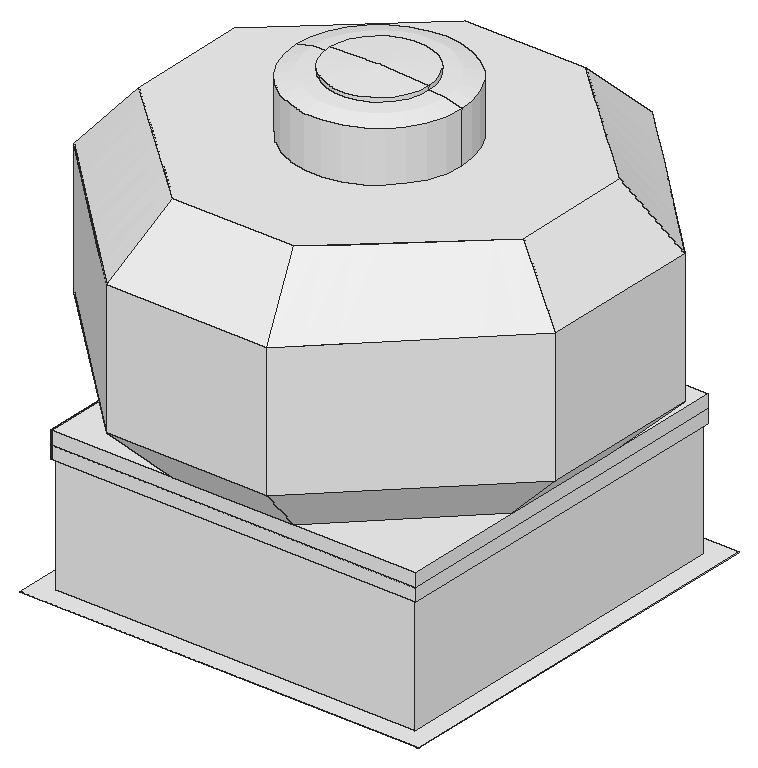
Revit family "HARMANN - REVIT- MOVO.S", category Wyposażenie mechaniczne, Revit 2025
Family settings
  Wymiar okrągłego złącza = Użyj średnicy
  Typ części = Normalny
  Numer OmniClass = 23.75.00.00
  Tytuł OmniClass = Climate Control (HVAC)
  Oparty na płaszczyźnie roboczej = Nie
  Zawsze pionowo = Tak
  Tnij formami wycięć po wczytaniu = Nie
  Zachowaj orientację opisów = Nie
  Współdzielony = Nie
  Punkt obliczania pomieszczeń = Nie
Parameters (values of type "MOVO.S 8-1000/38000T")
  a Spr [instance] = if(Brak podstawy, 0.00 mm, a)  # 40.00 mm
  a [instance] = 40.00 mm
  Zasilanie natężenie maksymalne Imax = 12 A
  Zasilanie napięcie nominalne Unom = 400 V
  Zasilanie Moc maksymalna Pmax = 5500 W
  Wysokość podstawy dachowej PR Spr [instance] = if(Brak podstawy, a, if(Podstawa dachowa PR, Wysokość podstawy dachowej PR, Wysokość podstawy dachowej PR))  # 500.00 mm
  Wysokość podstawy dachowej PR [instance] = size_lookup(Lookup Table Name, "Wysokość podstawy dachowej PR", 1.00 mm, N1)  # 500.00 mm
  Wysokość SL Spr [instance] = if((Czy Klapa zwrotna SL), Wysokość SL, 0.00 mm)  # 400.00 mm
  Wysokość SL [instance] = size_lookup(Lookup Table Name, "Wysokość SL", 1.00 mm, N1)  # 400.00 mm
  Wysokość EP Spr [instance] = if((Czy Złącze Elastyczne EP), Wysokość EP, 0.00 mm)  # 150.00 mm
  Wysokość EP [instance] = size_lookup(Lookup Table Name, "Wysokość EP", 1.00 mm, N1)  # 150.00 mm
  Wysokość D Spr [instance] = if(Brak podstawy, Wysokość D, if(and((Czy Klapa zwrotna SL), (Czy Złącze Elastyczne EP)), Wysokość D + Wysokość SL Spr + Wysokość EP Spr, if((Czy Klapa zwrotna SL), Wysokość D + Wysokość SL Spr, if(Czy Złącze Elastyczne EP, Wysokość D + Wysokość EP Spr, Wysokość D))))  # 574.50 mm
  Wysokość D [instance] = size_lookup(Lookup Table Name, "Wysokość D", 1.00 mm, N1)  # 24.50 mm
  Wybierz podstawę dachową [instance] = "Wybierz podstawę dachową lub brak podstawy"  # constant formula
  Wybierz Akcesoria [instance] = "Zaznacz wybrane akcesoria tylko dla podstawy dachowej PR"  # constant formula
  Rzeczywista Wartość Przepływu [instance] = Podaj Rzeczywistą Wartość Przepływu  # 0.00 m³/h
  Podstawa B = Podstawa : Podstawa PR
  Podstawa A = Podstawa : Brak podstawy
  Podaj Rzeczywistą Wartość Przepływu [instance] = 0.00 m³/h
  Opc Podstawa Dachowa PR = Podstawa : Podstawa PR
  Opc Brak podstawy = Podstawa : Brak podstawy
  Obroty nominalne nnom = 1440.000 obr./min
  Czy Podstawa Dachowa [instance] = Podstawa : Podstawa PR
  N1 = 12 mm
  Lookup Table Name = "MOVO"
  Czy Klapa zwrotna SL [instance] = yes
  Złożenie domyślne bez akcesoriów [instance] = not(Brak podstawy)  # yes
  Podstawa dachowa PR [instance] = Czy Podstawa Dachowa = Opc Podstawa Dachowa PR  # yes
  MOVO S = HARMANN - Akcesoria - MOVO_S : MOVO.S 6-1000/52000T
  Zasilanie Ilość faz = 3
  Zasilanie Częstotliwość Nominalna fnom = 50 Hz  # constant formula
  Zasilanie Częstotliwość Minimalna fmin = 30 Hz
  Zasilanie Częstotliwość Maksymalna fmax = 50 Hz
  Powietrze ciśnienie statyczne maksymalne dPmax = 810.0 Pa
  Powietrze Przepływ Maksymalny Qmax = 22900.00 m³/h
  Numer artykułu = "78252004"
  Model = "MOVO.S 6-800/22900T EX"
  Masa = 370.00 kg
  Producent = "Harmann Polska Sp. z o.o."  # constant formula
  Temperatura pracy ciągłej maksymalna T = 40 °C
  Opis = "Dachowy wentylator z wyrzutem pionowym"  # constant formula
  Domyślna rzędna = 0.00 mm
  DN = 900.00 mm
  Czy Kołnierz D [instance] = 1 = 1  # yes
  Ciśnienie akustyczne nominalne obudowa Lpa = "73 dB(A)"
  Czy Złącze Elastyczne EP [instance] = yes
  Brak podstawy [instance] = Czy Podstawa Dachowa = Opc Brak podstawy  # no
  Autor = "https://www.archispace.com/"
  Akc SL = HARMANN - Akcesoria - SL : SL 900
  Akc PR = HARMANN - Akcesoria - PR : PR 1000/900
  Akc EP = HARMANN - Akcesoria - EP : EP 900
  Akc D = HARMANN - Akcesoria - D : D 900s
Types (13, lengths in mm): name | Zasilanie natężenie maksymalne Imax | Zasilanie Moc maksymalna Pmax | Wysokość podstawy dachowej PR Spr | Wysokość podstawy dachowej PR | Wysokość SL Spr | Wysokość SL | Wysokość D Spr | Wysokość D | Obroty nominalne nnom | N1 | MOVO S | Zasilanie Częstotliwość Minimalna fmin | Powietrze ciśnienie statyczne maksymalne dPmax | Powietrze Przepływ Maksymalny Qmax | Numer artykułu | Model | Masa | Temperatura pracy ciągłej maksymalna T | DN | Ciśnienie akustyczne nominalne obudowa Lpa | Akc SL | Akc PR | Akc EP | Akc D
  MOVO.S 6-800/26000T | 12 A | 5500 W | 500.00 | 500.00 | 400.00 | 400.00 | 574.50 | 24.50 | 970.000 obr./min | 12 | HARMANN - Akcesoria - MOVO_S : MOVO.S 6-800/26000T | 25 Hz | 820.0 Pa | 26000.00 m³/h | "2250011" | "MOVO.S 6-800/26000T" | 340.00 kg | 50 °C | 710.00 | "73 dB(A)" | HARMANN - Akcesoria - SL : SL 710 | HARMANN - Akcesoria - PR : PR 800/710 | HARMANN - Akcesoria - EP : EP 710 | HARMANN - Akcesoria - D : D 710s
  MOVO.S 4-800/39500T | 28.1 A | 15000 W | 500.00 | 500.00 | 400.00 | 400.00 | 574.50 | 24.50 | 1460.000 obr./min | 11 | HARMANN - Akcesoria - MOVO_S : MOVO.S 4-800/39500T | 25 Hz | 1980.0 Pa | 39500.00 m³/h | "2250010" | "MOVO.S 4-800/39500T" | 390.00 kg | 50 °C | 710.00 | "82 dB(A)" | HARMANN - Akcesoria - SL : SL 710 | HARMANN - Akcesoria - PR : PR 710/630 | HARMANN - Akcesoria - EP : EP 710 | HARMANN - Akcesoria - D : D 710s
  MOVO.S 6-710/18300T | 7 A | 3000 W | 500.00 | 500.00 | 350.00 | 350.00 | 521.50 | 21.50 | 970.000 obr./min | 10 | HARMANN - Akcesoria - MOVO_S : MOVO.S 6-710/18300T | 25 Hz | 680.0 Pa | 18300.00 m³/h | "2250007" | "MOVO.S 6-710/18300T" | 240.00 kg | 50 °C | 630.00 | "70 dB(A)" | HARMANN - Akcesoria - SL : SL 630 | HARMANN - Akcesoria - PR : PR 710/630 | HARMANN - Akcesoria - EP : EP 630 | HARMANN - Akcesoria - D : D 630s
  MOVO.S 4-710/27500T | 20.9 A | 11000 W | 500.00 | 500.00 | 350.00 | 350.00 | 521.50 | 21.50 | 1450.000 obr./min | 9 | HARMANN - Akcesoria - MOVO_S : MOVO.S 4-710/27500T | 25 Hz | 1550.0 Pa | 27500.00 m³/h | "2250006" | "MOVO.S 4-710/27500T" | 250.00 kg | 50 °C | 630.00 | "79 dB(A)" | HARMANN - Akcesoria - SL : SL 630 | HARMANN - Akcesoria - PR : PR 710/630 | HARMANN - Akcesoria - EP : EP 630 | HARMANN - Akcesoria - D : D 630s
  MOVO.S 4-710/23700T | 14.3 A | 7500 W | 500.00 | 500.00 | 350.00 | 350.00 | 521.50 | 21.50 | 1450.000 obr./min | 9 | HARMANN - Akcesoria - MOVO_S : MOVO.S 4-710/23700T | 25 Hz | 1300.0 Pa | 23700.00 m³/h | "2250005" | "MOVO.S 4-710/23700T" | 250.00 kg | 50 °C | 630.00 | "78 dB(A)" | HARMANN - Akcesoria - SL : SL 630 | HARMANN - Akcesoria - PR : PR 710/630 | HARMANN - Akcesoria - EP : EP 630 | HARMANN - Akcesoria - D : D 630s
  MOVO.S 6-630/12900T | 5.12 A | 2200 W | 400.00 | 400.00 | 310.00 | 310.00 | 479.00 | 19.00 | 940.000 obr./min | 8 | HARMANN - Akcesoria - MOVO_S : MOVO.S 6-630/12900T | 25 Hz | 550.0 Pa | 12900.00 m³/h | "2250002" | "MOVO.S 6-630/12900T" | 130.00 kg | 50 °C | 560.00 | "66 dB" | HARMANN - Akcesoria - SL : SL 560 | HARMANN - Akcesoria - PR : PR 630/560 | HARMANN - Akcesoria - EP : EP 560 | HARMANN - Akcesoria - D : D 560s
  MOVO.S 4-630/19300T | 10.8 A | 5500 W | 400.00 | 400.00 | 310.00 | 310.00 | 479.00 | 19.00 | 1455.000 obr./min | 7 | HARMANN - Akcesoria - MOVO_S : MOVO.S 4-630/19300T | 25 Hz | 1200.0 Pa | 19300.00 m³/h | "2250001" | "MOVO.S 4-630/19300T" | 130.00 kg | 50 °C | 560.00 | "75 dB(A)" | HARMANN - Akcesoria - SL : SL 560 | HARMANN - Akcesoria - PR : PR 630/560 | HARMANN - Akcesoria - EP : EP 560 | HARMANN - Akcesoria - D : D 560s
  MOVO.S 6-900/37000T | 15.8 A | 7500 W | 500.00 | 500.00 | 400.00 | 400.00 | 574.50 | 24.50 | 965.000 obr./min | 12 | HARMANN - Akcesoria - MOVO_S : MOVO.S 6-900/37000T | 25 Hz | 1050.0 Pa | 37000.00 m³/h | "2250014" | "MOVO.S 6-800/37000T" | 410.00 kg | 50 °C | 800.00 | "77 dB(A)" | HARMANN - Akcesoria - SL : SL 800 | HARMANN - Akcesoria - PR : PR 900/800 | HARMANN - Akcesoria - EP : EP 800 | HARMANN - Akcesoria - D : D 800s
  MOVO.S 6-1000/43100T | 12 A | 5500 W | 500.00 | 500.00 | 400.00 | 400.00 | 574.50 | 24.50 | 1440.000 obr./min | 12 | HARMANN - Akcesoria - MOVO_S : MOVO.S 6-1000/52000T | 30 Hz | 810.0 Pa | 22900.00 m³/h | "78252004" | "MOVO.S 6-800/22900T EX" | 370.00 kg | 40 °C | 900.00 | "73 dB(A)" | HARMANN - Akcesoria - SL : SL 900 | HARMANN - Akcesoria - PR : PR 1000/900 | HARMANN - Akcesoria - EP : EP 900 | HARMANN - Akcesoria - D : D 900s
  MOVO.S 6-1000/52000T | 12 A | 5500 W | 500.00 | 500.00 | 400.00 | 400.00 | 574.50 | 24.50 | 1440.000 obr./min | 12 | HARMANN - Akcesoria - MOVO_S : MOVO.S 6-1000/52000T | 30 Hz | 810.0 Pa | 22900.00 m³/h | "78252004" | "MOVO.S 6-800/22900T EX" | 370.00 kg | 40 °C | 900.00 | "73 dB(A)" | HARMANN - Akcesoria - SL : SL 900 | HARMANN - Akcesoria - PR : PR 1000/900 | HARMANN - Akcesoria - EP : EP 900 | HARMANN - Akcesoria - D : D 900s
  MOVO.S 8-1000/38000T | 12 A | 5500 W | 500.00 | 500.00 | 400.00 | 400.00 | 574.50 | 24.50 | 1440.000 obr./min | 12 | HARMANN - Akcesoria - MOVO_S : MOVO.S 6-1000/52000T | 30 Hz | 810.0 Pa | 22900.00 m³/h | "78252004" | "MOVO.S 6-800/22900T EX" | 370.00 kg | 40 °C | 900.00 | "73 dB(A)" | HARMANN - Akcesoria - SL : SL 900 | HARMANN - Akcesoria - PR : PR 1000/900 | HARMANN - Akcesoria - EP : EP 900 | HARMANN - Akcesoria - D : D 900s
  MOVO.S 8-1000/32000T | 12 A | 5500 W | 500.00 | 500.00 | 400.00 | 400.00 | 574.50 | 24.50 | 1440.000 obr./min | 12 | HARMANN - Akcesoria - MOVO_S : MOVO.S 6-1000/52000T | 30 Hz | 810.0 Pa | 22900.00 m³/h | "78252004" | "MOVO.S 6-800/22900T EX" | 370.00 kg | 40 °C | 900.00 | "73 dB(A)" | HARMANN - Akcesoria - SL : SL 900 | HARMANN - Akcesoria - PR : PR 1000/900 | HARMANN - Akcesoria - EP : EP 900 | HARMANN - Akcesoria - D : D 900s
  MOVO.S 8-900/27500T | 15.8 A | 7500 W | 500.00 | 500.00 | 400.00 | 400.00 | 574.50 | 24.50 | 965.000 obr./min | 12 | HARMANN - Akcesoria - MOVO_S : MOVO.S 6-900/37000T | 25 Hz | 1050.0 Pa | 37000.00 m³/h | "2250014" | "MOVO.S 6-800/37000T" | 410.00 kg | 50 °C | 800.00 | "77 dB(A)" | HARMANN - Akcesoria - SL : SL 800 | HARMANN - Akcesoria - PR : PR 900/800 | HARMANN - Akcesoria - EP : EP 800 | HARMANN - Akcesoria - D : D 800s
Reference planes
  plane 1 "Center (Front/Back)": y = 0
  plane 2: z = 0
  plane 3 "Center (Left/Right)": x = 0
  plane 4: z = 500
  plane 5: z = 0
  plane 6: z = 0
  plane 7: z = 100
  plane 8: z = -50
  plane 9: z = -74.5
Dimensions and locks
  "Wysokość podstawy dachowej PR Spr": plane 4 to level
  "Wysokość SL Spr": plane 7 to plane 4
  "Wysokość EP Spr": plane 8 to plane 7
  "Wysokość D Spr": plane 9 to plane 4
  aligned and locked: level to plane 2
  aligned and locked: nested 1 to plane 1 "Center (Front/Back)"
  aligned and locked: plane 3 "Center (Left/Right)" to nested 2
  aligned and locked: plane 1 "Center (Front/Back)" to nested 2
  aligned and locked: plane 3 "Center (Left/Right)" to nested 3
  aligned and locked: plane 1 "Center (Front/Back)" to nested 3
  aligned and locked: plane 7 to nested 2
  aligned and locked: plane 8 to nested 3
  aligned and locked: nested 4 to plane 1 "Center (Front/Back)"
  aligned and locked: nested 4 to plane 3 "Center (Left/Right)"
  aligned and locked: nested 4 to plane 9
  aligned and locked: plane 3 "Center (Left/Right)" to nested 5
  aligned and locked: plane 1 "Center (Front/Back)" to nested 5
  aligned and locked: nested 1 to plane 4
Nested families
  nested 1: "HARMANN - Akcesoria - MOVO_S" at (0, 0, 450) x (0, 1, 0) z (0, 0, 1), type <- "MOVO S", type "MOVO.S 6-1000/52000T"
    with K 1060.00 mm, H 1300.00 mm, F 1850.00 mm, Dk 934.00 mm, E 1850.00 mm, B 1400.00 mm, D 900.00 mm
  nested 2: "HARMANN - Akcesoria - SL" at (0, 0, 100), visible <- "Czy Klapa zwrotna SL", type <- "Akc SL", Vis Komponent <- "Złożenie domyślne bez akcesoriów", type "SL 900"
    with Vis Komponent yes, H 500.00 mm, D1/2 904.00 mm, D2 968.00 mm, D1 900.00 mm
  nested 3: "HARMANN - Akcesoria - EP" at (0, 0, -50), visible <- "Czy Złącze Elastyczne EP", type <- "Akc EP", Vis Komponent <- "Złożenie domyślne bez akcesoriów", type "EP 900"
    with Vis Komponent yes, D1/2 904.00 mm, D2 968.00 mm, D1 900.00 mm
  nested 4: "HARMANN - Akcesoria - D" at (0, 0, -47.5) x (1, 0, 0) z (0, 0, -1), visible <- "Czy Kołnierz D", type <- "Akc D", type "D 900s"
    with Vis Komponent yes, H 27.00 mm, D1/2 904.00 mm, D2 968.00 mm, D1 900.00 mm
  nested 5: "HARMANN - Akcesoria - PR" at (0, 0, 0), visible <- "Podstawa dachowa PR", type <- "Akc PR", type "PR 1000/900"
    with H2 500.00 mm, C 1534.00 mm, B 1270.00 mm, A 1380.00 mm
Connectors
  electrical at (0, 0, 550), driven by "Zasilanie Ilość faz", driven by "Zasilanie napięcie nominalne Unom"
    settings: on nested 1, index 2, voltage 400 V, apparent load 0 VA, apparent load phase1 0 VA, apparent load phase2 0 VA, apparent load phase3 0 VA, power factor 1, load classification "Other", number of poles 3, system type 30, power factor state 1, is connector primary yes, connector utility no, sub classification motor no, connector description ""
  hvac at (0, 0, -47.5), driven by "DN", driven by "Rzeczywista Wartość Przepływu"
    settings: on nested 4, index 3, duct flow 0.00 m³/h, flow factor 0, pres drop 0.0 Pa, loss coef 0, conn angle 0.00°, conn width 304.8 mm, conn height 304.8 mm, conn diameter 900 mm, duct sys type 29, conn prof type 0, flow config 0, flow direction 1, loss method 0, conn ref index -1, conn util no, is conn primary yes, conn desc ""
Definition of nested family "HARMANN - Akcesoria - MOVO_S"
  Parameters (values of type "MOVO.S 6-900/37000T")
    r2 = size_lookup(Lookup Table Name, "r2", 1.00 mm, N1)  # 189.50 mm
    r = size_lookup(Lookup Table Name, "r", 1.00 mm, N1)  # 317.00 mm
    i = 50.00 mm
    h = size_lookup(Lookup Table Name, "h", 1.00 mm, N1)  # 225.00 mm
    c = 185.00 mm
    b = size_lookup(Lookup Table Name, "b", 1.00 mm, N1)  # 617.00 mm
    a = size_lookup(Lookup Table Name, "a", 1.00 mm, N1)  # 464.00 mm
    Numer artykułu = size_lookup(Lookup Table Name, "Numer artykułu", "n/a", N1)  # "78252003"
    N1 = 11 mm
    Model = size_lookup(Lookup Table Name, "Model", "n/a", N1)  # "MOVO.S 4-800/35000T EX"
    Manufacturer = "Harmann Polska Sp. z o.o."  # constant formula
    Lookup Table Name = "MOVO S"
    K = 1000.00 mm
    H = 1240.00 mm
    G = size_lookup(Lookup Table Name, "G", 1.00 mm, N1)  # 50.00 mm
    F = 1650.00 mm
    Dk = 837.00 mm
    Default Elevation = 0.00 mm
    E = 1650.00 mm
    B = 1250.00 mm
    Autor = "https://www.archispace.com/"
    D = 800.00 mm
    710 i 800 = yes
    450 500 560 630 = no
  Types (15, lengths in mm): name | r2 | r | i | h | c | b | a | Numer artykułu | N1 | Model | K | H | G | F | Dk | E | B | D | 710 i 800 | 450 500 560 630
    MOVO.S 6-1000/37000T | 189.50 | 317.00 | 50.00 | 225.00 | 185.00 | 617.00 | 464.00 | "78252003" | 11 | "MOVO.S 4-800/35000T EX" | 1060.00 | 1300.00 | 50.00 | 1850.00 | 934.00 | 1850.00 | 1400.00 | 900.00 | yes | no
    MOVO.S 4/8-800/39500T | 189.50 | 317.00 | 50.00 | 225.00 | 185.00 | 617.00 | 464.00 | "78252003" | 11 | "MOVO.S 4-800/35000T EX" | 950.00 | 1240.00 | 50.00 | 1490.00 | 751.00 | 1490.00 | 1120.00 | 710.00 | yes | no
    MOVO.S 4/6-800/39500T | 189.50 | 317.00 | 50.00 | 225.00 | 185.00 | 617.00 | 464.00 | "78252003" | 11 | "MOVO.S 4-800/35000T EX" | 950.00 | 1240.00 | 50.00 | 1490.00 | 751.00 | 1490.00 | 1120.00 | 710.00 | yes | no
    MOVO.S 6-800/26000T | 189.50 | 317.00 | 50.00 | 225.00 | 185.00 | 617.00 | 464.00 | "78252003" | 11 | "MOVO.S 4-800/35000T EX" | 950.00 | 1240.00 | 50.00 | 1490.00 | 751.00 | 1490.00 | 1120.00 | 710.00 | yes | no
    MOVO.S 4/8-710/27500T | 155.00 | 283.50 | 50.00 | 186.00 | 150.00 | 538.50 | 414.00 | "78252001" | 9 | "MOVO.S 4-710/20800T EX" | 845.00 | 1240.00 | 50.00 | 1300.00 | 674.00 | 1300.00 | 1000.00 | 630.00 | yes | no
    MOVO.S 4/6-710/27500T | 155.00 | 283.50 | 50.00 | 186.00 | 150.00 | 538.50 | 414.00 | "78252001" | 9 | "MOVO.S 4-710/20800T EX" | 845.00 | 1240.00 | 50.00 | 1300.00 | 674.00 | 1300.00 | 1000.00 | 630.00 | yes | no
    MOVO.S 6-710/18300T | 155.00 | 283.50 | 50.00 | 186.00 | 150.00 | 538.50 | 414.00 | "78252001" | 9 | "MOVO.S 4-710/20800T EX" | 845.00 | 1240.00 | 50.00 | 1300.00 | 674.00 | 1300.00 | 1000.00 | 630.00 | yes | no
    MOVO.S 4-710/27500T | 155.00 | 283.50 | 50.00 | 186.00 | 150.00 | 538.50 | 414.00 | "78252001" | 9 | "MOVO.S 4-710/20800T EX" | 845.00 | 1240.00 | 50.00 | 1300.00 | 674.00 | 1300.00 | 1000.00 | 630.00 | yes | no
    MOVO.S 4/8-630/19300T | 155.00 | 254.50 | 40.00 | 120.00 | 138.50 | 658.00 | 520.00 | "78251999" | 7 | "MOVO.S 4-630/17300T EX" | 785.00 | 1240.00 | 40.00 | 1140.00 | 605.00 | 1315.00 | 900.00 | 560.00 | no | yes
    MOVO.S 4/6-630/19300T | 155.00 | 254.50 | 40.00 | 120.00 | 138.50 | 658.00 | 520.00 | "78251999" | 7 | "MOVO.S 4-630/17300T EX" | 785.00 | 1240.00 | 40.00 | 1140.00 | 605.00 | 1315.00 | 900.00 | 560.00 | no | yes
    MOVO.S 6-630/12900T | 155.00 | 254.50 | 40.00 | 120.00 | 138.50 | 658.00 | 520.00 | "78251999" | 7 | "MOVO.S 4-630/17300T EX" | 785.00 | 1240.00 | 40.00 | 1140.00 | 605.00 | 1315.00 | 900.00 | 560.00 | no | yes
    MOVO.S 4-800/39500T | 189.50 | 317.00 | 50.00 | 225.00 | 185.00 | 617.00 | 464.00 | "78252003" | 11 | "MOVO.S 4-800/35000T EX" | 950.00 | 1240.00 | 50.00 | 1490.00 | 751.00 | 1490.00 | 1120.00 | 710.00 | yes | no
    MOVO.S 4-710/23700T | 155.00 | 283.50 | 50.00 | 186.00 | 150.00 | 538.50 | 414.00 | "78252001" | 9 | "MOVO.S 4-710/20800T EX" | 845.00 | 1240.00 | 50.00 | 1300.00 | 674.00 | 1300.00 | 1000.00 | 630.00 | yes | no
    MOVO.S 4-630/19300T | 155.00 | 254.50 | 40.00 | 120.00 | 138.50 | 658.00 | 520.00 | "78251999" | 7 | "MOVO.S 4-630/17300T EX" | 785.00 | 1240.00 | 40.00 | 1140.00 | 605.00 | 1315.00 | 900.00 | 560.00 | no | yes
    MOVO.S 6-900/37000T | 189.50 | 317.00 | 50.00 | 225.00 | 185.00 | 617.00 | 464.00 | "78252003" | 11 | "MOVO.S 4-800/35000T EX" | 1000.00 | 1240.00 | 50.00 | 1650.00 | 837.00 | 1650.00 | 1250.00 | 800.00 | yes | no
  Reference planes
    plane 1 "Center (Front/Back)": y = 0
    plane 2: z = 0
    plane 3 "Center (Left/Right)": x = 0
    plane 4: z = 101
    plane 5: x = 625
    plane 6: x = -625
    plane 7: y = 625
    plane 8: y = -625
    plane 9: y = 825
    plane 10: y = -825
    plane 11: x = 825
    plane 12: x = -825
    plane 13: z = 326
    plane 14: z = 1000
    plane 15: z = 1240
    plane 16: z = 1195
    plane 17: x = -232
    plane 18: x = 232
    plane 19: y = 232
    plane 20: y = -232
    plane 21: y = 308.5
    plane 22: y = -308.5
    plane 23: x = -308.5
    plane 24: x = 308.5
    plane 25: z = 100
    plane 26: z = 775
    plane 27: y = 640
    plane 28: y = -640
    plane 29: z = 50
  Forms (mm)
    Extrusion 1, solid, detail levels medium+fine
      sketch origin (0, 0, 0) x (1, 0, 0) y (0, 1, 0)
        loop
          line (-625, 625) -> (-625, -625) -> (625, -625) -> (625, 625) -> (-625, 625)
      from 50 to 101
    SweptBlend 2, solid, visible <- "710 i 800", detail levels medium+fine
      path origin (0, 0, 0) x (0, 1, 0) y (0, 0, 1)
        loop
          line (0, 326) -> (0, 101)
      profile origin (0, 0, 326) x (1, 0, 0) y (0, 1, 0)
        loop
          line (308.5, 825) -> (-308.5, 825) -> (-825, 308.5) -> (-825, -308.5) -> (-308.5, -825) -> (308.5, -825) -> (825, -308.5) -> (825, 308.5) -> (308.5, 825)
      end profile origin (0, 0, 101) x (1, 0, 0) y (0, 1, 0)
        loop
          line (232, 625) -> (-232, 625) -> (-625, 232) -> (-625, -232) -> (-232, -625) -> (232, -625) -> (625, -232) -> (625, 232) -> (232, 625)
    Sweep 3, solid, visible <- "710 i 800", detail levels medium+fine
      path origin (0, 0, 0) x (0, 1, 0) y (0, 0, 1)
        loop
          line (0, 775) -> (0, 326)
      profile origin (0, 0, 550.5) x (1, 0, 0) y (0, 1, 0)
        loop
          line (308.5, 825) -> (-308.5, 825) -> (-825, 308.5) -> (-825, -308.5) -> (-308.5, -825) -> (308.5, -825) -> (825, -308.5) -> (825, 308.5) -> (308.5, 825)
    Extrusion 4, void
      sketch origin (0, 0, 0) x (1, 0, 0) y (0, 1, 0)
        loop
          line (-624, -624) -> (624, -624) -> (624, 624) -> (-624, 624) -> (-624, -624)
      from -104.556 to 100
    SweptBlend 5, solid, visible <- "450 500 560 630", detail levels medium+fine
      path origin (0, 0, 0) x (0, 1, 0) y (0, 0, 1)
        loop
          line (0, 326) -> (0, 101)
      profile origin (0, 0, 326) x (1, 0, 0) y (0, 1, 0)
        loop
          line (-825, 308.5) -> (-825, -308.5) -> (0, -825) -> (825, -308.5) -> (825, 308.5) -> (0, 825) -> (-825, 308.5)
      end profile origin (0, 0, 101) x (1, 0, 0) y (0, 1, 0)
        loop
          line (-625, 232) -> (-625, -232) -> (0, -640) -> (625, -232) -> (625, 232) -> (0, 640) -> (-625, 232)
    Revolve 6, solid, detail levels medium+fine
      sketch origin (0, 0, 0) x (0, 1, 0) y (0, 0, 1)
        loop
          line (0, 1240) -> (0, 1000) -> (317, 1000) -> (317, 1195)
          arc (317, 1195) -> (254.184, 1210.957) -> (189.5, 1215) r 348.295
          line (189.5, 1215) -> (189.5, 1230)
          arc (189.5, 1230) -> (94.882, 1237.498) -> (0, 1240) r 1800.513
        axis (0, 1240) -> (0, 1000)
      angle from 0 to 360
    Sweep 7, solid, visible <- "450 500 560 630", detail levels medium+fine
      path origin (0, 0, 0) x (0, 1, 0) y (0, 0, 1)
        loop
          line (0, 775) -> (0, 326)
      profile origin (0, 0, 550.5) x (1, 0, 0) y (0, 1, 0)
        loop
          line (825, 308.5) -> (0, 825) -> (-825, 308.5) -> (-825, -308.5) -> (0, -825) -> (825, -308.5) -> (825, 308.5)
    SweptBlend 8, solid, visible <- "710 i 800", detail levels medium+fine
      path origin (0, 0, 1061.93) x (0, 1, 0) y (0, 0, 1)
        loop
          line (0, -286.93) -> (0, -61.93)
      profile origin (0, 0, 775) x (0, -1, 0) y (1, 0, 0)
        loop
          line (-825, 308.5) -> (-825, -308.5) -> (-308.5, -825) -> (308.5, -825) -> (825, -308.5) -> (825, 308.5) -> (308.5, 825) -> (-308.5, 825) -> (-825, 308.5)
      end profile origin (0, 0, 1000) x (0, -1, 0) y (1, 0, 0)
        loop
          line (-640, 232) -> (-640, -232) -> (-232, -625) -> (232, -625) -> (640, -232) -> (640, 232) -> (232, 625) -> (-232, 625) -> (-640, 232)
    SweptBlend 9, solid, visible <- "450 500 560 630", detail levels medium+fine
      path origin (0, 0, 1061.93) x (0, 1, 0) y (0, 0, 1)
        loop
          line (0, -286.93) -> (0, -61.93)
      profile origin (0, 0, 775) x (0, -1, 0) y (1, 0, 0)
        loop
          line (-308.5, -825) -> (308.5, -825) -> (825, 0) -> (308.5, 825) -> (-308.5, 825) -> (-825, 0) -> (-308.5, -825)
      end profile origin (0, 0, 1000) x (0, -1, 0) y (1, 0, 0)
        loop
          line (-232, -625) -> (232, -625) -> (640, 0) -> (232, 625) -> (-232, 625) -> (-640, 0) -> (-232, -625)
    Extrusion 10, solid, detail levels medium+fine
      sketch origin (0, 0, 0) x (1, 0, 0) y (0, 1, 0)
        loop
          line (-625, 625) -> (-625, -625) -> (625, -625) -> (625, 625) -> (-625, 625)
      from 0 to 50
  Cuts and joins
    Extrusion 4 cuts Extrusion 1
    Extrusion 4 cuts Extrusion 10
  Lines and regions (mm)
    model lines, detail levels coarse
      curve 1: line (0, 0, 326) -> (0, 0, 0)
      curve 2: circle (0, 0, 783) r 457 normal (1, 0, 0)
      curve 3: line (0, 0, 1240) -> (0, 272.323, 416)
      curve 4: line (0, 272.323, 416) -> (0, -272.323, 416)
      curve 5: line (0, 0, 1240) -> (0, -272.323, 416)
  Dimensions and locks
    equal spacing: plane 6, plane 3 "Center (Left/Right)", plane 5
    "B": plane 6 to plane 5
    equal spacing: plane 8, plane 1 "Center (Front/Back)", plane 7
    "B": plane 8 to plane 7
    "F": plane 12 to plane 11
    equal spacing: plane 12, plane 3 "Center (Left/Right)", plane 11
    equal spacing: plane 10, plane 1 "Center (Front/Back)", plane 9
    "E": plane 10 to plane 9
    "K": plane 14 to level
    locked: plane 15 to plane 16 at 45
    "H": plane 15 to level
    locked: curve 4 to plane 13 at 90
    locked: Extrusion 4 sketch curve to plane 7 at 1
    locked: plane 6 to Extrusion 4 sketch curve at 1
    locked: Extrusion 4 sketch curve to plane 5 at 1
    locked: plane 8 to Extrusion 4 sketch curve at 1
    equal spacing: plane 17, plane 3 "Center (Left/Right)", plane 18
    "a": plane 17 to plane 18
    equal spacing: plane 20, plane 1 "Center (Front/Back)", plane 19
    "a": plane 20 to plane 19
    "h": plane 13 to plane 4
    equal spacing: plane 22, plane 1 "Center (Front/Back)", plane 21
    "b": plane 22 to plane 21
    equal spacing: plane 23, plane 3 "Center (Left/Right)", plane 24
    "b": plane 23 to plane 24
    locked: plane 4 to plane 25 at 1
    locked: plane 15 to Revolve 6 sketch curve at 10
    "h": plane 14 to plane 26
    "r": Revolve 6 sketch curve to Revolve 6 sketch curve
    "r2": Revolve 6 sketch curve to Revolve 6 sketch curve
    "c": plane 27 to plane 9
    "c": plane 10 to plane 28
    locked: Revolve 6 sketch curve to Revolve 6 sketch curve at 15
    "G": plane 25 to plane 29
    "i": plane 29 to level
    aligned and locked: level to plane 2
    aligned and locked: plane 6 to Extrusion 1 sketch curve
    aligned and locked: plane 7 to Extrusion 1 sketch curve
    aligned and locked: Extrusion 1 sketch curve to plane 5
    aligned and locked: Extrusion 1 sketch curve to plane 8
    aligned and locked: plane 4 to Extrusion 1
    aligned and locked: plane 1 "Center (Front/Back)" to SweptBlend 2 sketch curve
    aligned and locked: plane 4 to SweptBlend 2 sketch curve
    aligned and locked: plane 13 to SweptBlend 2 sketch curve
    aligned and locked: plane 7 to SweptBlend 2 sketch curve
    aligned and locked: plane 8 to SweptBlend 2 sketch curve
    aligned and locked: SweptBlend 2 sketch curve to plane 6
    aligned and locked: SweptBlend 2 sketch curve to plane 5
    aligned and locked: plane 9 to SweptBlend 2 sketch curve
    aligned and locked: plane 12 to SweptBlend 2 sketch curve
    aligned and locked: plane 11 to SweptBlend 2 sketch curve
    aligned and locked: plane 10 to SweptBlend 2 sketch curve
    aligned and locked: plane 1 "Center (Front/Back)" to Sweep 3 sketch curve
    aligned and locked: plane 13 to Sweep 3 sketch curve
    aligned and locked: plane 9 to Sweep 3 sketch curve
    aligned and locked: plane 11 to Sweep 3 sketch curve
    aligned and locked: plane 10 to Sweep 3 sketch curve
    aligned and locked: plane 12 to Sweep 3 sketch curve
    aligned and locked: plane 1 "Center (Front/Back)" to curve 1
    aligned and locked: plane 13 to curve 1
    aligned and locked: plane 2 to curve 1
    aligned and locked: plane 15 to curve 3
    aligned and locked: plane 20 to SweptBlend 2 sketch curve  (x2)
    aligned and locked: plane 19 to SweptBlend 2 sketch curve  (x2)
    aligned and locked: plane 17 to SweptBlend 2 sketch curve  (x2)
    aligned and locked: plane 18 to SweptBlend 2 sketch curve  (x2)
    aligned and locked: plane 25 to Extrusion 4
    aligned and locked: plane 22 to Sweep 3 sketch curve  (x2)
    aligned and locked: plane 23 to Sweep 3 sketch curve  (x2)
    aligned and locked: plane 24 to Sweep 3 sketch curve  (x2)
    aligned and locked: plane 21 to Sweep 3 sketch curve  (x2)
    aligned and locked: plane 23 to SweptBlend 2 sketch curve  (x2)
    aligned and locked: plane 24 to SweptBlend 2 sketch curve  (x2)
    aligned and locked: plane 22 to SweptBlend 2 sketch curve  (x2)
    aligned and locked: plane 21 to SweptBlend 2 sketch curve  (x2)
    aligned and locked: plane 20 to SweptBlend 5 sketch curve  (x2)
    aligned and locked: plane 19 to SweptBlend 5 sketch curve  (x2)
    aligned and locked: plane 21 to SweptBlend 5 sketch curve  (x2)
    aligned and locked: plane 22 to SweptBlend 5 sketch curve  (x2)
    aligned and locked: plane 1 "Center (Front/Back)" to Revolve 6 sketch curve
    aligned and locked: plane 26 to Sweep 3 sketch curve
    aligned and locked: plane 21 to Sweep 7 sketch curve  (x2)
    aligned and locked: plane 22 to Sweep 7 sketch curve  (x2)
    aligned and locked: plane 26 to Sweep 7 sketch curve
    aligned and locked: plane 13 to Sweep 7 sketch curve
    aligned and locked: SweptBlend 8 sketch curve to plane 10
    aligned and locked: SweptBlend 8 sketch curve to plane 12
    aligned and locked: SweptBlend 8 sketch curve to plane 9
    aligned and locked: SweptBlend 8 sketch curve to plane 11
    aligned and locked: plane 23 to SweptBlend 8 sketch curve  (x2)
    aligned and locked: plane 24 to SweptBlend 8 sketch curve  (x2)
    aligned and locked: plane 21 to SweptBlend 8 sketch curve  (x2)
    aligned and locked: plane 22 to SweptBlend 8 sketch curve  (x2)
    aligned and locked: SweptBlend 9 sketch curve to plane 12
    aligned and locked: SweptBlend 9 sketch curve to plane 11
    aligned and locked: plane 21 to SweptBlend 9 sketch curve  (x2)
    aligned and locked: plane 22 to SweptBlend 9 sketch curve  (x2)
    aligned and locked: plane 3 "Center (Left/Right)" to SweptBlend 9 sketch curve  (x4)
    aligned and locked: plane 10 to SweptBlend 9 sketch curve
    aligned and locked: plane 9 to SweptBlend 9 sketch curve
    aligned and locked: SweptBlend 9 sketch curve to plane 6
    aligned and locked: SweptBlend 9 sketch curve to plane 5
    aligned and locked: plane 20 to SweptBlend 9 sketch curve  (x2)
    aligned and locked: plane 19 to SweptBlend 9 sketch curve  (x2)
    aligned and locked: Sweep 7 sketch curve to plane 12
    aligned and locked: Sweep 7 sketch curve to plane 11
    aligned and locked: plane 9 to Sweep 7 sketch curve
    aligned and locked: plane 3 "Center (Left/Right)" to Sweep 7 sketch curve  (x2)
    aligned and locked: plane 10 to Sweep 7 sketch curve
    aligned and locked: SweptBlend 5 sketch curve to plane 6
    aligned and locked: SweptBlend 5 sketch curve to plane 12
    aligned and locked: SweptBlend 5 sketch curve to plane 11
    aligned and locked: plane 10 to SweptBlend 5 sketch curve
    aligned and locked: plane 3 "Center (Left/Right)" to SweptBlend 5 sketch curve  (x4)
    aligned and locked: plane 9 to SweptBlend 5 sketch curve
    aligned and locked: SweptBlend 5 sketch curve to plane 5
    aligned and locked: plane 27 to SweptBlend 9 sketch curve
    aligned and locked: plane 28 to SweptBlend 9 sketch curve
    aligned and locked: plane 28 to SweptBlend 5 sketch curve
    aligned and locked: plane 27 to SweptBlend 5 sketch curve
    aligned and locked: plane 16 to Revolve 6 sketch curve
    aligned and locked: plane 14 to Revolve 6 sketch curve
    aligned and locked: Extrusion 1 to plane 29
    aligned and locked: Extrusion 10 to level
    aligned and locked: plane 29 to Extrusion 10
    aligned and locked: SweptBlend 8 sketch curve to plane 28
    aligned and locked: SweptBlend 8 sketch curve to plane 27
    aligned and locked: SweptBlend 8 sketch curve to plane 5
    aligned and locked: SweptBlend 8 sketch curve to plane 6
    aligned and locked: plane 17 to SweptBlend 8 sketch curve  (x2)
    aligned and locked: plane 18 to SweptBlend 8 sketch curve  (x2)
    aligned and locked: plane 19 to SweptBlend 8 sketch curve  (x2)
    aligned and locked: plane 20 to SweptBlend 8 sketch curve  (x2)
  Automatic sketch dimensions
    curve 3 to plane 1 "Center (Front/Back)" = 0.00 mm
    curve 2 to plane 1 "Center (Front/Back)" = 0.00 mm
    curve 5 to curve 4 = 0.00 mm
    SweptBlend 5 sketch curve to plane 1 "Center (Front/Back)" = 0.00 mm
    SweptBlend 5 sketch curve to plane 4 = 0.00 mm
    SweptBlend 5 sketch curve to plane 13 = 0.00 mm
    Sweep 7 sketch curve to plane 1 "Center (Front/Back)" = 0.00 mm
    SweptBlend 8 sketch curve to plane 1 "Center (Front/Back)" = 0.00 mm
    SweptBlend 8 sketch curve to plane 26 = 0.00 mm
    SweptBlend 8 sketch curve to plane 14 = 0.00 mm
    SweptBlend 9 sketch curve to plane 1 "Center (Front/Back)" = 0.00 mm
    SweptBlend 9 sketch curve to plane 26 = 0.00 mm
    SweptBlend 9 sketch curve to plane 14 = 0.00 mm
    Extrusion 10 sketch curve to plane 6 = 0.00 mm
    Extrusion 10 sketch curve to plane 5 = 0.00 mm
    plane 8 to Extrusion 10 sketch curve = 0.00 mm
    plane 7 to Extrusion 10 sketch curve = 0.00 mm
    Revolve 6 sketch curve to plane 1 "Center (Front/Back)" = 0.00 mm
    Revolve 6 sketch curve to plane 14 = 0.00 mm
    Revolve 6 sketch curve to plane 15 = 0.00 mm
    plane 19 to Revolve 6 sketch curve = 31.79 mm
    plane 15 to Revolve 6 sketch curve = 217.344 mm
Definition of nested family "HARMANN - Akcesoria - SL"
  Parameters (values of type "SL 400")
    Vis Komponent [instance] = yes
    Model = "SL 400"
    Manufacturer = "Harmann Polska Sp. z o.o."  # constant formula
    Description = "Klapa zwrotna"
    Default Elevation = 0.00 mm
    H = 220.00 mm
    D1/2 = D1 + 4.00 mm  # 404.00 mm
    Autor = "https://www.archispace.com/"
    D2 = 464.00 mm
    D1 = 400.00 mm
  Types (6, lengths in mm): name | Model | H | D1/2 | D2 | D1
    SL 400 | "SL 400" | 220.00 | 404.00 | 464.00 | 400.00
    SL 450 | "SL 450" | 250.00 | 454.00 | 513.00 | 450.00
    SL 500 | "SL 500" | 280.00 | 504.00 | 567.00 | 500.00
    SL 560 | "SL 560" | 310.00 | 564.00 | 639.00 | 560.00
    SL 630 | "SL 630" | 350.00 | 634.00 | 708.00 | 630.00
    SL 710 | "SL 710" | 400.00 | 714.00 | 785.00 | 710.00
  Reference planes
    plane 1 "Center (Front/Back)": y = 0
    plane 2: z = 0
    plane 3 "Center (Left/Right)": x = 0
    plane 4: z = 220
    plane 5: z = 217
    plane 6: z = 3
  Forms (mm)
    Extrusion 1, solid, visible <- "Vis Komponent", detail levels medium+fine
      sketch origin (0, 0, 0) x (1, 0, 0) y (0, 1, 0)
        loop
          circle (0, 0) r 200
        loop
          circle (0, 0) r 232
      from 217 to 220
    Extrusion 2, solid, visible <- "Vis Komponent", detail levels medium+fine
      sketch origin (0, 0, 0) x (1, 0, 0) y (0, 1, 0)
        loop
          circle (0, 0) r 202
        loop
          circle (0, 0) r 200
      from 3 to 217
    Extrusion 3, solid, visible <- "Vis Komponent", detail levels medium+fine
      sketch origin (0, 0, 0) x (1, 0, 0) y (0, 1, 0)
        loop
          circle (0, 0) r 200
        loop
          circle (0, 0) r 232
      from 0 to 3
  Lines and regions (mm)
    model lines, detail levels coarse
      curve 1: line (0, 0, 220) -> (0, 0, 0)
  Dimensions and locks
    "H": plane 4 to level
    locked: plane 4 to plane 5 at 3
    locked: plane 6 to level at 3
    "D1": diameter of Extrusion 1 sketch curve
    "D2": diameter of Extrusion 1 sketch curve
    "D1/2": diameter of Extrusion 2 sketch curve
    "D1": diameter of Extrusion 2 sketch curve
    "D1": diameter of Extrusion 3 sketch curve
    "D2": diameter of Extrusion 3 sketch curve
    aligned and locked: level to plane 2
    aligned and locked: plane 4 to Extrusion 1
    aligned and locked: Extrusion 1 to plane 5
    aligned and locked: plane 5 to Extrusion 2
    aligned and locked: plane 6 to Extrusion 3
    aligned and locked: Extrusion 2 to plane 6
    aligned and locked: plane 1 "Center (Front/Back)" to curve 1
    aligned and locked: plane 4 to curve 1
    aligned and locked: level to curve 1
  Automatic sketch dimensions
    Extrusion 1 sketch curve to Extrusion 1 sketch curve = 0.00 mm  (x2)
    plane 1 "Center (Front/Back)" to Extrusion 1 sketch curve = 0.00 mm
    Extrusion 1 sketch curve to plane 3 "Center (Left/Right)" = 0.00 mm
    Extrusion 2 sketch curve to Extrusion 2 sketch curve = 0.00 mm  (x2)
    plane 1 "Center (Front/Back)" to Extrusion 2 sketch curve = 0.00 mm
    Extrusion 2 sketch curve to plane 3 "Center (Left/Right)" = 0.00 mm
    Extrusion 3 sketch curve to Extrusion 3 sketch curve = 0.00 mm  (x2)
    plane 1 "Center (Front/Back)" to Extrusion 3 sketch curve = 0.00 mm
    Extrusion 3 sketch curve to plane 3 "Center (Left/Right)" = 0.00 mm
Definition of nested family "HARMANN - Akcesoria - EP"
  Parameters (values of type "EP 560")
    Vis Komponent [instance] = yes
    Model = "EP 560"
    Manufacturer = "Harmann Polska Sp. z o.o."  # constant formula
    Description = "Klapa zwrotna"
    Default Elevation = 0.00 mm
    H = 150.00 mm
    D1/2 = D1 + 4.00 mm  # 564.00 mm
    Autor = "https://www.archispace.com/"
    D2 = 639.00 mm
    D1 = 560.00 mm
  Types (6, lengths in mm): name | Model | H | D1/2 | D2 | D1
    EP 400 | "EP 400" | 120.00 | 404.00 | 464.00 | 400.00
    EP 450 | "EP 450" | 120.00 | 454.00 | 513.00 | 450.00
    EP 500 | "EP 500" | 150.00 | 504.00 | 567.00 | 500.00
    EP 560 | "EP 560" | 150.00 | 564.00 | 639.00 | 560.00
    EP 630 | "EP 630" | 150.00 | 634.00 | 708.00 | 630.00
    EP 710 | "EP 710" | 150.00 | 714.00 | 785.00 | 710.00
  Reference planes
    plane 1 "Center (Front/Back)": y = 0
    plane 2: z = 0
    plane 3 "Center (Left/Right)": x = 0
    plane 4: z = 150
    plane 5: z = 147
    plane 6: z = 3
  Forms (mm)
    Extrusion 1, solid, visible <- "Vis Komponent", detail levels medium+fine
      sketch origin (0, 0, 0) x (1, 0, 0) y (0, 1, 0)
        loop
          circle (0, 0) r 280
        loop
          circle (0, 0) r 319.5
      from 147 to 150
    Extrusion 2, solid, visible <- "Vis Komponent", detail levels medium+fine
      sketch origin (0, 0, 0) x (1, 0, 0) y (0, 1, 0)
        loop
          circle (0, 0) r 282
        loop
          circle (0, 0) r 280
      from 3 to 147
    Extrusion 3, solid, visible <- "Vis Komponent", detail levels medium+fine
      sketch origin (0, 0, 0) x (1, 0, 0) y (0, 1, 0)
        loop
          circle (0, 0) r 280
        loop
          circle (0, 0) r 319.5
      from 0 to 3
  Lines and regions (mm)
    model lines, detail levels coarse
      curve 1: line (0, 0, 150) -> (0, 0, 0)
  Dimensions and locks
    "H": plane 4 to level
    locked: plane 4 to plane 5 at 3
    locked: plane 6 to level at 3
    "D1": diameter of Extrusion 1 sketch curve
    "D2": diameter of Extrusion 1 sketch curve
    "D1/2": diameter of Extrusion 2 sketch curve
    "D1": diameter of Extrusion 2 sketch curve
    "D1": diameter of Extrusion 3 sketch curve
    "D2": diameter of Extrusion 3 sketch curve
    aligned and locked: level to plane 2
    aligned and locked: plane 4 to Extrusion 1
    aligned and locked: Extrusion 1 to plane 5
    aligned and locked: plane 5 to Extrusion 2
    aligned and locked: plane 6 to Extrusion 3
    aligned and locked: Extrusion 2 to plane 6
    aligned and locked: plane 1 "Center (Front/Back)" to curve 1
    aligned and locked: plane 4 to curve 1
    aligned and locked: level to curve 1
  Automatic sketch dimensions
    Extrusion 1 sketch curve to Extrusion 1 sketch curve = 0.00 mm  (x2)
    plane 1 "Center (Front/Back)" to Extrusion 1 sketch curve = 0.00 mm
    Extrusion 1 sketch curve to plane 3 "Center (Left/Right)" = 0.00 mm
    Extrusion 2 sketch curve to Extrusion 2 sketch curve = 0.00 mm  (x2)
    plane 1 "Center (Front/Back)" to Extrusion 2 sketch curve = 0.00 mm
    Extrusion 2 sketch curve to plane 3 "Center (Left/Right)" = 0.00 mm
    Extrusion 3 sketch curve to Extrusion 3 sketch curve = 0.00 mm  (x2)
    plane 1 "Center (Front/Back)" to Extrusion 3 sketch curve = 0.00 mm
    Extrusion 3 sketch curve to plane 3 "Center (Left/Right)" = 0.00 mm
Definition of nested family "HARMANN - Akcesoria - D"
  Parameters (values of type "D 400s")
    Vis Komponent [instance] = yes
    Model = "D 400s"
    Manufacturer = "Harmann Polska Sp. z o.o."  # constant formula
    H = 13.50 mm
    Description = "Kołnierz"
    Default Elevation = 0.00 mm
    D1/2 = D1 + 4.00 mm  # 404.00 mm
    Autor = "https://www.archispace.com/"
    D2 = 464.00 mm
    D1 = 400.00 mm
  Types (6, lengths in mm): name | Model | H | D1/2 | D2 | D1
    D 400s | "D 400s" | 13.50 | 404.00 | 464.00 | 400.00
    D 450s | "D 450s" | 15.00 | 454.00 | 513.00 | 450.00
    D 500s | "D 500s" | 17.00 | 504.00 | 567.00 | 500.00
    D 560s | "D 560s" | 19.00 | 564.00 | 639.00 | 560.00
    D 630s | "D 630s" | 21.50 | 634.00 | 708.00 | 630.00
    D 710s | "D 710s" | 24.50 | 714.00 | 785.00 | 710.00
  Reference planes
    plane 1 "Center (Front/Back)": y = 0
    plane 2: z = 0
    plane 3 "Center (Left/Right)": x = 0
    plane 4: z = 13.5
    plane 5: z = 2
  Forms (mm)
    Extrusion 1, solid, visible <- "Vis Komponent", detail levels medium+fine
      sketch origin (0, 0, 0) x (1, 0, 0) y (0, 1, 0)
        loop
          circle (0, 0) r 202
        loop
          circle (0, 0) r 200
      from 2 to 13.5
    Extrusion 2, solid, visible <- "Vis Komponent", detail levels medium+fine
      sketch origin (0, 0, 0) x (1, 0, 0) y (0, 1, 0)
        loop
          circle (0, 0) r 200
        loop
          circle (0, 0) r 232
      from 0 to 2
  Lines and regions (mm)
    model lines, detail levels coarse
      curve 1: line (0, 0, 16.5) -> (0, 0, 0)
  Dimensions and locks
    "H": plane 4 to level
    locked: plane 5 to level at 2
    "D1/2": diameter of Extrusion 1 sketch curve
    "D1": diameter of Extrusion 1 sketch curve
    "D1": diameter of Extrusion 2 sketch curve
    "D2": diameter of Extrusion 2 sketch curve
    aligned and locked: level to plane 2
    aligned and locked: plane 4 to Extrusion 1
    aligned and locked: plane 5 to Extrusion 2
    aligned and locked: Extrusion 1 to plane 5
    aligned and locked: plane 1 "Center (Front/Back)" to curve 1
    aligned and locked: level to curve 1
  Automatic sketch dimensions
    plane 4 to curve 1 = 3.00 mm
    Extrusion 1 sketch curve to Extrusion 1 sketch curve = 0.00 mm  (x2)
    plane 1 "Center (Front/Back)" to Extrusion 1 sketch curve = 0.00 mm
    Extrusion 1 sketch curve to plane 3 "Center (Left/Right)" = 0.00 mm
    Extrusion 2 sketch curve to Extrusion 2 sketch curve = 0.00 mm  (x2)
    plane 1 "Center (Front/Back)" to Extrusion 2 sketch curve = 0.00 mm
    Extrusion 2 sketch curve to plane 3 "Center (Left/Right)" = 0.00 mm
Definition of nested family "HARMANN - Akcesoria - PR"
  Parameters (values of type "PR/PP 450/400")
    Model = "PR/PP 450/400"
    Manufacturer = "Harmann Polska Sp. z o.o."  # constant formula
    Visibility Komponent [instance] = yes
    H2 = 400.00 mm
    Default Elevation = 0.00 mm
    C = 720.00 mm
    B = 505.00 mm
    Autor = "https://www.archispace.com/"
    A = 614.00 mm
  Types (6, lengths in mm): name | Model | H2 | C | B | A
    PR/PP 450/400 | "PR/PP 450/400" | 400.00 | 720.00 | 505.00 | 614.00
    PR/PP 500/450 | "PR/PP 500/450" | 400.00 | 800.00 | 585.00 | 694.00
    PR/PP 560/500 | "PR/PP 560/500" | 400.00 | 900.00 | 670.00 | 780.00
    PR/PP 630/560 | "PR/PP 630/560" | 400.00 | 996.00 | 770.00 | 880.00
    PR/PP 710/630 | "PR/PP 710/630" | 500.00 | 1134.00 | 870.00 | 980.00
    PR/PP 800/710 | "PR/PP 800/710" | 500.00 | 1254.00 | 990.00 | 110.00
  Reference planes
    plane 1 "Center (Front/Back)": y = 0
    plane 2: z = 0
    plane 3 "Center (Left/Right)": x = 0
    plane 4: z = 1
    plane 5: x = 360
    plane 6: x = -360
    plane 7: y = 360
    plane 8: y = -360
    plane 9: y = 252.5
    plane 10: y = -252.5
    plane 11: x = 252.5
    plane 12: x = -252.5
    plane 13: z = 400
    plane 14: z = 374
    plane 15: x = -307
    plane 16: x = 307
    plane 17: y = 307
    plane 18: y = -307
  Forms (mm)
    Extrusion 1, solid, detail levels medium+fine
      sketch origin (0, 0, 0) x (1, 0, 0) y (0, 1, 0)
        loop
          line (-360, 360) -> (-360, -360) -> (360, -360) -> (360, 360) -> (-360, 360)
        loop
          line (-252.5, 252.5) -> (-252.5, -252.5) -> (252.5, -252.5) -> (252.5, 252.5) -> (-252.5, 252.5)
      from 0 to 1
    Sweep 2, solid, detail levels medium+fine
      path origin (0, 0, 0) x (0, 1, 0) y (0, 0, 1)
        loop
          line (0, 400) -> (0, 1)
      profile origin (0, 0, 200.5) x (1, 0, 0) y (0, 1, 0)
        loop
          line (252.5, 252.5) -> (-252.5, 252.5) -> (-252.5, -252.5) -> (252.5, -252.5) -> (252.5, 252.5)
        loop
          line (-307, 307) -> (-307, -307) -> (307, -307) -> (307, 307) -> (-307, 307)
  Lines and regions (mm)
    model lines, detail levels coarse
      curve 1: line (0, 0, 400) -> (0, 0, 0)
  Dimensions and locks
    locked: plane 4 to level at 1
    equal spacing: plane 6, plane 3 "Center (Left/Right)", plane 5
    "C": plane 6 to plane 5
    equal spacing: plane 8, plane 1 "Center (Front/Back)", plane 7
    "C": plane 8 to plane 7
    "B": plane 12 to plane 11
    equal spacing: plane 12, plane 3 "Center (Left/Right)", plane 11
    equal spacing: plane 10, plane 1 "Center (Front/Back)", plane 9
    "B": plane 10 to plane 9
    locked: plane 13 to plane 14 at 26
    "H2": plane 13 to level
    equal spacing: plane 15, plane 3 "Center (Left/Right)", plane 16
    "A": plane 15 to plane 16
    equal spacing: plane 18, plane 1 "Center (Front/Back)", plane 17
    "A": plane 18 to plane 17
    aligned and locked: level to plane 2
    aligned and locked: plane 6 to Extrusion 1 sketch curve
    aligned and locked: plane 7 to Extrusion 1 sketch curve
    aligned and locked: Extrusion 1 sketch curve to plane 5
    aligned and locked: Extrusion 1 sketch curve to plane 8
    aligned and locked: plane 4 to Extrusion 1
    aligned and locked: plane 1 "Center (Front/Back)" to Sweep 2 sketch curve
    aligned and locked: plane 9 to Sweep 2 sketch curve
    aligned and locked: plane 11 to Sweep 2 sketch curve
    aligned and locked: plane 10 to Sweep 2 sketch curve
    aligned and locked: plane 12 to Sweep 2 sketch curve
    aligned and locked: plane 15 to Sweep 2 sketch curve
    aligned and locked: plane 17 to Sweep 2 sketch curve
    aligned and locked: plane 16 to Sweep 2 sketch curve
    aligned and locked: plane 18 to Sweep 2 sketch curve
    aligned and locked: plane 4 to Sweep 2 sketch curve
    aligned and locked: plane 13 to Sweep 2 sketch curve
    aligned and locked: plane 1 "Center (Front/Back)" to curve 1
    aligned and locked: plane 13 to curve 1
    aligned and locked: level to curve 1
    aligned and locked: Extrusion 1 sketch curve to plane 12
    aligned and locked: Extrusion 1 sketch curve to plane 9
    aligned and locked: Extrusion 1 sketch curve to plane 11
    aligned and locked: Extrusion 1 sketch curve to plane 10
